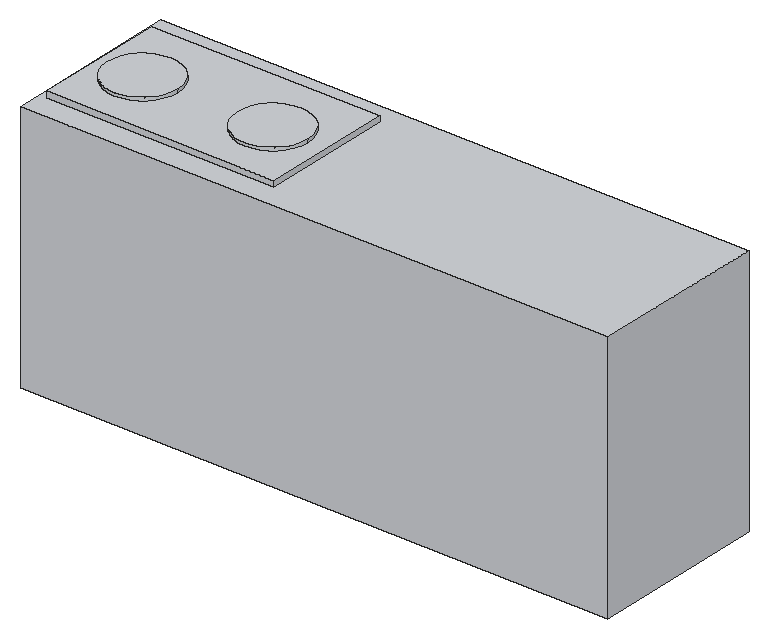
Revit family "CookingCounter", category 家具, Revit 2025
Family settings
  OmniClass 编号 = 23.40.20.00
  OmniClass 标题 = General Furniture and Specialties
  基于工作平面 = 否
  视图中启用分割 = 否
  总是垂直 = 是
  载入时剪切的空心 = 否
  渲染外观源 = 族几何图形
  共享 = 否
  房间计算点 = 否
Parameters
  默认高程 = 0 mm
Reference planes
  plane 1 "中心(前/后)": y = 0
  plane 2: z = 0
  plane 3 "中心(左/右)": x = 0
  plane 4: y = 300
  plane 5: y = -300
  plane 6: x = 1000
  plane 7: x = -1000
  plane 8: y = 230
  plane 9: y = -220
  plane 10: x = -975
  plane 11: x = 965
  plane 12: x = -200
  plane 13: x = 400
  plane 14: x = 420
  plane 15: x = 945
  plane 16: x = 700
  plane 17: x = 690
  plane 18: x = 710
Forms (mm)
  Extrusion 1, solid
    sketch origin (0, 0, 0) x (1, 0, 0) y (0, 1, 0)
      loop
        line (-1000, 300) -> (-1000, -300) -> (1000, -300) -> (1000, 300) -> (-1000, 300)
    from 0 to 860
  Extrusion 2, solid
    sketch origin (0, 0, 0) x (1, 0, 0) y (0, 1, 0)
      loop
        line (-975, 230) -> (-975, -220) -> (-200, -220) -> (-200, 230) -> (-975, 230)
    from 860 to 880
  Extrusion 3, solid
    sketch origin (24.376, -6.5, 0) x (1, 0, 0) y (0, 1, 0)
      loop
        circle (-843.114, 0) r 120
    from 880 to 890
  Extrusion 4, solid
    sketch origin (464.256, -1.878, 0) x (1, 0, 0) y (0, 1, 0)
      loop
        circle (-843.114, 0) r 120
    from 880 to 890
Dimensions and locks
  aligned and locked: level to plane 2
